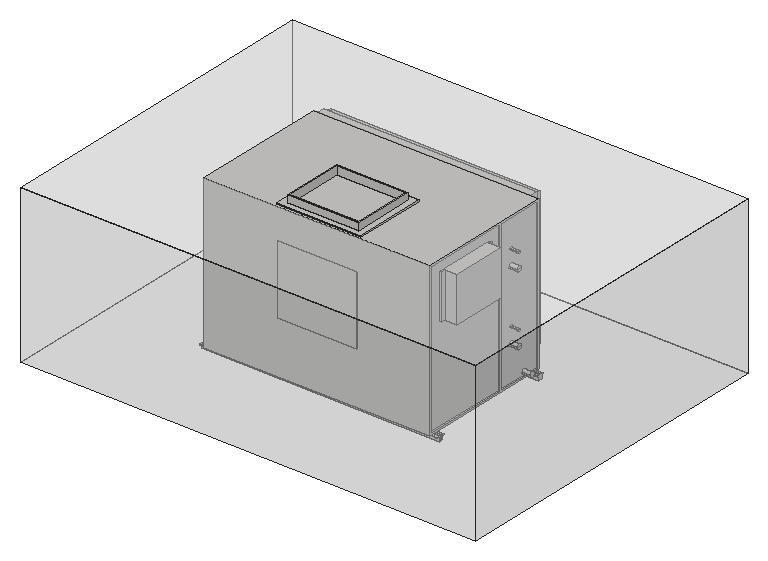
Revit family "outputfile", category 機械設備, Revit 2024
Family settings
  丸型コネクタ寸法 = 半径を使用
  パーツ タイプ = 標準
  OmniClass 番号 = 23.75.10.24.21.27.27
  OmniClass タイトル = Split System Air Conditioning Units
  作業面ベース = いいえ
  常に垂直 = はい
  ロード時にボイドで切り取り = いいえ
  注釈の向きを維持 = いいえ
  共有 = いいえ
  部屋計算ポイント = はい
Parameters (values of type "FBVN300H2BY1C")
  Description = ""
  書き出し IFC クラス(タイプ) = "IfcUnitaryEquipmentType"
  定義済み IFC タイプ(タイプ) = "AIRCONDITIONINGUNIT"
  Cost = 0
  Type Comments = ""
  Keynote = ""
  Type Image = (empty or 0)
  Assembly Code = ""
  switch_frequency = yes
  lw_power = 930 mm
  lw_frontpanel = 620 mm
  lw_box = 97 mm
  lw_RA = 853 mm
  lh_liquidpipe_2 = 443 mm
  lh_height_SA = 482 mm
  lh_ld_mountinghole_height = 35 mm
  lh_height_RA = 1073 mm
  lh_hangerfixture = 35 mm
  lh_gaspipe_2 = 323 mm
  lh_frontpanel_bottom = 444 mm
  lh_frontpanel = 542 mm
  lh_box_top = 95 mm
  lh_box = 351 mm
  lh_SA = 1291 mm
  lh_RA = 659.5 mm
  ld_void_top = if(Height = 1231 mm, 10 mm, 9 mm)  # 10 mm
  ld_void_right = if(Height = 1231 mm, 10 mm, 9 mm)  # 10 mm
  ld_void_middle = if(Height = 1231 mm, 10 mm, 18 mm)  # 10 mm
  ld_void_length = if(Height = 1231 mm, 680.2 mm, 535.5 mm)  # 680.2 mm
  ld_void_left = if(Height = 1231 mm, 10 mm, 9 mm)  # 10 mm
  ld_void_bottom = if(Height = 1231 mm, 10 mm, 6 mm)  # 10 mm
  ld_frontpanel = 10 mm
  ld_depth_SA = 301 mm
  ld_depth_RA = 130 mm
  ld_box_left = 115 mm
  ld_box = 490 mm
  connector_voltage = 0 V
  connector_powerinput = [Power Input (Cooling)]  # 30.520 kW
  connector_phase = 1
  製造元 = "Daikin"
  モデル = "FBVN300H2BY1C"
  w_pipe = 33 mm
  r_Liquid Pipe Size = Liquid Pipe Size / 2  # 7.95 mm
  r_Gas Pipe Size = Gas Pipe Size / 2  # 17.45 mm
  r_Drain Pipe Size = Drain Pipe Size / 2  # 17.0 mm
  lw_powersupply = lw_power  # 930 mm
  lw_width_RA = 1636 mm
  lw_width_SA = 540 mm
  lh_suctionflange [instance] = 100 mm
  ld_suctionflange [instance] = 190 mm
  ld_powersupply = 0 mm
  angle_vertical_RA [instance] = 90.00°
  angle horizontal_RA [instance] = 180.00°
  Voltage_comment_50Hz = "380 - 415"
  Voltage_50Hz = 400 V
  URL = ""
  Sound Power Level_H speed (dB) = 0
  Phase_50Hz = 3
  Minimum External Static Pressure = 0.00 Pa
  Minimum Circuit Amps_50Hz = 0.0 A
  Maximum Fuse Amps_50Hz = 0.0 A
  Maximum External Static Pressure = 200.00 Pa
  Material_Casing = DAIKIN_GalvanizedSteel_Casing_indoorunit
  lw_liquidpipe = 933 mm
  lw_gaspipe = 933 mm
  lw_mountinghole_pitch = 1826 mm
  lw_mountinghole = 1866 mm
  lw_drainpipe = 933 mm
  lh_powersupply = 785 mm
  lh_liquidpipe = 989 mm
  lh_gaspipe = 869 mm
  lh_mountinghole = 5 mm
  lh_drainpipe = 73 mm
  lh_antena = 1227 mm
  ld_liquidpipe = 280.5 mm
  ld_gaspipe = 280.5 mm
  ld_mountinghole_pitch = 974 mm
  ld_drainpipe = 405.5 mm
  ld_controlbox = 626 mm
  h*** = 0 mm  # constant formula
  d_dischargeflange = 60 mm
  Width = 1766 mm
  Version = "ver.1.0"
  Unit Type = "Duct"
  Unit Mass Weight = 337.00 kg
  Unit Designation [instance] = ""
  Uniclass2015Version = "Products v1.30"
  Uniclass2015Title = "Split coil room air conditioning units"
  Uniclass2015Code = "Pr_70_65_03_86"
  Total Cooling Capacity [instance] = 0.000 kW
  Sound Pressure Level_M speed (dBA) = 0
  Sound Pressure Level_L speed (dBA) = 0
  Sound Pressure Level_H speed (dBA) = 66
  Series = "Package Aircon_Fan Coil Unit"
  Sensible Cooling Capacity [instance] = 0.000 kW
  SA Duct Size Width = 560 mm
  SA Duct Size Height = 482 mm
  Refrigerant Type = "R410A"
  RA Duct Size Width = 1636 mm
  RA Duct Size Height = 1073 mm
  Power Input (Cooling) = 30.520 kW
  Option Accessory 3 [instance] = ""
  Option Accessory 2 [instance] = ""
  Option Accessory 1 [instance] = ""
  Nominal Cooling Capacity = 88.000 kW
  Minimum Airflow = 0.00 m³/h
  Median Airflow = 0.00 m³/h
  Maximum Airflow = 15291.00 m³/h
  Load Classification = HVAC
  Liquid Pipe Size = 15.9 mm
  Link_Nested Family [instance] = ""
  IfcVersion = ""
  IfcExportType = "AIRCONDITIONINGUNIT"
  IfcExportAs = "IfcUnitaryEquipmentType"
  Height = 1231 mm
  Heat Exchanger Type = "Cross Fin Coil"
  Gas Pipe Size = 34.9 mm
  Frequency_50Hz = 50 Hz
  Fan Type = "Sirocco Fan"
  Fan Drive = "-"
  FCU Tag No. [instance] = ""
  Drain Pipe Size = 34.0 mm
  Design Supply Airflow [instance] = 0.00 m³/h
  Design Return Airflow [instance] = 0.00 m³/h
  Design External Static Pressure [instance] = 0.00 Pa
  Depth = 1069 mm
  既定の高さ = 0 mm
  Cooling Entering Wet Bulb Temperature [instance] = 0.00 °C
  Cooling Entering Dry Bulb Temperature [instance] = 0.00 °C
  Cooling Ambient Wet Bulb Temperature [instance] = 0.00 °C
  Cooling Ambient Dry Bulb Temperature [instance] = 0.00 °C
  Clearance visibility [instance] = yes
  Clearance Top = 0 mm
  Clearance Right = 1000 mm
  Clearance Rear = 800 mm
  Clearance Left = 800 mm
  Clearance Front = 800 mm
  Clearance Bottom = 0 mm
Reference planes
  plane 1 "Center (Front/Back)": y = 0
  plane 2: z = 0
  plane 3 "Center (Left/Right)": x = 0
  plane 4 "Back": y = 534.5
  plane 5 "Front": y = -534.5
  plane 6 "Left": x = -883
  plane 7 "Right": x = 883
  plane 8 "Top": z = 0
  plane 9 "Bottom": z = -1231
  plane 10: z = -242
  plane 11: z = -362
  plane 12: x = -913
  plane 13: x = 913
  plane 14: x = 933
  plane 15: x = 933
  plane 16: z = -1226
  plane 17 "Clearance Left": x = -1683
  plane 18 "Clearance Right": x = 1883
  plane 19 "Clearance Rear": y = 1334.5
  plane 20 "Clearance Front": y = -1334.5
  plane 21 "Clearance Bottom": z = -1231
  plane 22: z = -1158
  plane 23 "ld_gas": y = 280.5
  plane 24: y = 280.5
  plane 25: y = -30
  plane 26: y = 405.5
  plane 27: y = 344.5
  plane 28: x = 933
  plane 29: y = 487
  plane 30: y = -487
  plane 31: y = -233.5
  plane 32: y = 664.5
  plane 33 "Clearance Top": z = 0
  plane 34: z = -446
  plane 35: y = 0
  plane 36 "hangerfixture": z = -1196
  plane 37 "lh_SA": z = 60
  plane 38 "lh_RA": z = -571.5
  plane 39 "RA_center": x = -30
  plane 40: x = 883
  plane 41: x = 980
  plane 42: y = -419.5
  plane 43: y = -389.5
  plane 44: y = 40.5
  plane 45: y = 70.5
  plane 46 "box_bottom": z = -446
  plane 47 "box_top": z = -95
  plane 48: x = -310
  plane 49: x = 310
  plane 50: y = -534.5
  plane 51: y = -524.5
  plane 52 "lw_power": x = 930
  plane 53: z = -788
  plane 54: z = -908
  plane 55: z = -787
  plane 56: z = -245
  plane 57: y = -524.5
  plane 58: y = 155.7
  plane 59: y = 165.7
  plane 60: y = 524.5
  plane 61: z = -10
  plane 62: z = -1186
  plane 63: x = 863
  plane 64: x = -863
Forms (mm)
  Extrusion 1, solid, material "DAIKIN_GalvanizedSteel_Casing_indoorunit" <- "Material_Casing"
    sketch origin (0, -0.8, 0) x (1, 0, 0) y (0, 1, 0)
      loop
        line (-883, -533.7) -> (883, -533.7) -> (883, 535.3) -> (-883, 535.3) -> (-883, -533.7)
    from -1196 to 0
  Revolve 2, solid, material "DAIKIN_GalvanizedSteel_Casing_indoorunit" <- "Material_Casing"
    sketch origin (0, 0, -362) x (0, -1, 0) y (1, 0, 0)
      loop
        line (-263.05, 863) -> (-263.05, 933) -> (-280.5, 933) -> (-280.5, 863) -> (-263.05, 863)
      axis (-280.5, 863) -> (-280.5, 933)
    angle from 0 to 360
  Revolve 3, solid, material "DAIKIN_GalvanizedSteel_Casing_indoorunit" <- "Material_Casing"
    sketch origin (0, 0, -242) x (0, -1, 0) y (1, 0, 0)
      loop
        line (-280.5, 863) -> (-280.5, 933) -> (-288.45, 933) -> (-288.45, 863) -> (-280.5, 863)
      axis (-280.5, 933) -> (-280.5, 863)
    angle from 0 to 360
  Extrusion 4, solid, material "DAIKIN_GalvanizedSteel_Casing_indoorunit" <- "Material_Casing"
    sketch origin (0, 0, 0) x (0, 1, 0) y (0, 0, 1)
      loop
        circle (405.5, -1158) r 17
    from 933 to 863
  Extrusion 5, solid, material "DAIKIN_GalvanizedSteel_Casing_indoorunit" <- "Material_Casing"
    sketch origin (0, 0, 0) x (1, 0, 0) y (0, 1, 0)
      loop
        line (863, -419.5) -> (883, -419.5) -> (883, -389.5) -> (980, -389.5) -> (980, 40.5) -> (883, 40.5) -> (883, 70.5) -> (863, 70.5) -> (863, -419.5)
    from -446 to -95
  Extrusion 6, solid, material "DAIKIN_GalvanizedSteel_Casing_indoorunit" <- "Material_Casing"
    sketch origin (0, 0, -1231) x (-1, 0, 0) y (0, -1, 0)
      loop
        line (310, 524.5) -> (310, 534.5) -> (-310, 534.5) -> (-310, 524.5) -> (310, 524.5)
    from 444 to 986
  Revolve 7, solid, material "DAIKIN_GalvanizedSteel_Casing_indoorunit" <- "Material_Casing"
    sketch origin (0, 0, -908) x (0, -1, 0) y (1, 0, 0)
      loop
        line (-263.05, 863) -> (-263.05, 933) -> (-280.5, 933) -> (-280.5, 863) -> (-263.05, 863)
      axis (-280.5, 863) -> (-280.5, 933)
    angle from 0 to 360
  Revolve 8, solid, material "DAIKIN_GalvanizedSteel_Casing_indoorunit" <- "Material_Casing"
    sketch origin (0, 0, -788) x (0, -1, 0) y (1, 0, 0)
      loop
        line (-280.5, 863) -> (-280.5, 933) -> (-288.45, 933) -> (-288.45, 863) -> (-280.5, 863)
      axis (-280.5, 933) -> (-280.5, 863)
    angle from 0 to 360
  Extrusion 9, void
    sketch origin (883, 0, 0) x (0, 1, 0) y (0, 0, 1)
      loop
        line (-524.5, -10) -> (-524.5, -1186) -> (155.7, -1186) -> (155.7, -10) -> (-524.5, -10)
      loop
        line (165.7, -10) -> (165.7, -1186) -> (524.5, -1186) -> (524.5, -10) -> (165.7, -10)
    from 0 to -20
  Extrusion 10, void
    sketch origin (-883, 0, 0) x (0, 1, 0) y (0, 0, 1)
      loop
        line (-524.5, -10) -> (-524.5, -1186) -> (155.7, -1186) -> (155.7, -10) -> (-524.5, -10)
      loop
        line (165.7, -10) -> (165.7, -1186) -> (524.5, -1186) -> (524.5, -10) -> (165.7, -10)
    from 0 to 20
Cuts and joins
  Extrusion 9, Extrusion 10 cuts Extrusion 1
  Extrusion 9, Extrusion 10 cuts Extrusion 6
Dimensions and locks
  equal spacing: plane 12, plane 3 "Center (Left/Right)", plane 13
  "lw_mountinghole_pitch": plane 12 to plane 13
  "lh_liquidpipe": plane 10 to plane 9 "Bottom"
  "lh_gaspipe": plane 11 to plane 9 "Bottom"
  equal spacing: plane 6 "Left", plane 3 "Center (Left/Right)", plane 7 "Right"
  "Width": plane 6 "Left" to plane 7 "Right"
  "Clearance Right": plane 7 "Right" to plane 18 "Clearance Right"
  "Clearance Left": plane 17 "Clearance Left" to plane 6 "Left"
  "Clearance Rear": plane 19 "Clearance Rear" to plane 4 "Back"
  "Clearance Front": plane 5 "Front" to plane 20 "Clearance Front"
  "Depth": plane 4 "Back" to plane 5 "Front"
  equal spacing: plane 4 "Back", plane 1 "Center (Front/Back)", plane 5 "Front"
  "ld_suctionflange": plane 4 "Back" to plane 27
  "r_Liquid Pipe Size": nested 5 to Revolve 3 sketch curve
  equal spacing: plane 29, plane 1 "Center (Front/Back)", plane 30
  "ld_mountinghole_pitch": plane 29 to plane 30
  "lw_liquidpipe": plane 3 "Center (Left/Right)" to plane 14
  "lw_gaspipe": plane 3 "Center (Left/Right)" to plane 15
  "lw_drainpipe": plane 3 "Center (Left/Right)" to plane 28
  "lh_drainpipe": plane 22 to plane 9 "Bottom"
  "Clearance Top": plane 33 "Clearance Top" to plane 8 "Top"
  "Clearance Bottom": plane 9 "Bottom" to plane 21 "Clearance Bottom"
  "lh_powersupply": plane 34 to plane 9 "Bottom"
  plane 8 "Top" to level = 0 mm
  "lh_hangerfixture": plane 36 "hangerfixture" to plane 9 "Bottom"
  "lh_SA": plane 37 "lh_SA" to plane 9 "Bottom"
  "ld_depth_RA": plane 32 to plane 4 "Back"
  "lh_RA": plane 38 "lh_RA" to plane 9 "Bottom"
  "lw_RA": plane 6 "Left" to plane 39 "RA_center"
  "ld_box_left": plane 42 to plane 5 "Front"
  "ld_box": plane 45 to plane 42
  locked: plane 43 to plane 42 at 30
  locked: plane 45 to plane 44 at 30
  "lw_box": plane 7 "Right" to plane 41
  "lh_box_top": plane 8 "Top" to plane 47 "box_top"
  "lh_box": plane 47 "box_top" to plane 46 "box_bottom"
  equal spacing: plane 48, plane 3 "Center (Left/Right)", plane 49
  "lw_power": plane 3 "Center (Left/Right)" to plane 52 "lw_power"
  "lh_gaspipe_2": plane 54 to plane 9 "Bottom"
  "lh_liquidpipe_2": plane 53 to plane 9 "Bottom"
  "ld_powersupply": plane 1 "Center (Front/Back)" to plane 35
  "ld_drainpipe": plane 26 to plane 1 "Center (Front/Back)"
  "ld_gaspipe": plane 23 "ld_gas" to plane 1 "Center (Front/Back)"
  "r_Gas Pipe Size": plane 23 "ld_gas" to Revolve 7 sketch curve
  "r_Gas Pipe Size": plane 23 "ld_gas" to Revolve 2 sketch curve
  "r_Liquid Pipe Size": Revolve 8 sketch curve to plane 24
  "ld_liquidpipe": plane 24 to plane 1 "Center (Front/Back)"
  "ld_depth_SA": plane 31 to plane 5 "Front"
  "Height": plane 8 "Top" to plane 9 "Bottom"
  "lh_mountinghole": plane 16 to plane 9 "Bottom"
  "lw_frontpanel": plane 48 to plane 49
  "lh_frontpanel_bottom": plane 55 to plane 9 "Bottom"
  "lh_frontpanel": plane 56 to plane 55
  locked: plane 51 to plane 5 "Front" at 10
  "ld_frontpanel": plane 51 to plane 50
  "ld_void_top": plane 8 "Top" to plane 61
  "ld_void_left": plane 5 "Front" to plane 57
  "ld_void_right": plane 60 to plane 4 "Back"
  "ld_void_length": plane 57 to plane 58
  "ld_void_middle": plane 58 to plane 59
  "ld_void_bottom": plane 36 "hangerfixture" to plane 62
  locked: plane 6 "Left" to plane 64 at 20
  locked: plane 63 to plane 7 "Right" at 20
  "r_Drain Pipe Size": radius of Extrusion 4 sketch curve
  aligned and locked: level to plane 2
  aligned and locked: plane 8 "Top" to Extrusion 1
  aligned and locked: Revolve 2 sketch curve to Revolve 2 sketch curve
  aligned and locked: plane 14 to nested 5
  aligned and locked: nested 5 to plane 10
  aligned and locked: plane 13 to nested 2
  aligned and locked: plane 12 to nested 3
  aligned and locked: plane 12 to nested 4
  aligned and locked: nested 6 to plane 11
  aligned and locked: plane 23 "ld_gas" to nested 6
  aligned and locked: plane 24 to nested 5
  aligned and locked: Extrusion 4 sketch curve to plane 26
  aligned and locked: nested 10 to plane 19 "Clearance Rear"
  aligned and locked: nested 10 to plane 18 "Clearance Right"
  aligned and locked: nested 10 to plane 17 "Clearance Left"
  aligned and locked: nested 10 to plane 20 "Clearance Front"
  aligned and locked: plane 28 to Extrusion 4
  aligned and locked: plane 15 to nested 6  (x2)
  aligned and locked: plane 13 to nested 1
  aligned and locked: plane 26 to nested 7
  aligned and locked: nested 7 to plane 22
  aligned and locked: nested 7 to plane 28
  aligned and locked: plane 29 to nested 1
  aligned and locked: plane 30 to nested 2
  aligned and locked: nested 4 to plane 29
  aligned and locked: nested 3 to plane 30
  aligned and locked: nested 9 to plane 4 "Back"
  aligned and locked: plane 32 to nested 13
  aligned and locked: plane 3 "Center (Left/Right)" to nested 12
  aligned and locked: nested 10 to plane 33 "Clearance Top"
  aligned and locked: nested 10 to plane 21 "Clearance Bottom"
  aligned and locked: nested 11 to plane 9 "Bottom"
  aligned and locked: plane 36 "hangerfixture" to Extrusion 1
  aligned and locked: Extrusion 1 to plane 5 "Front"
  aligned and locked: Extrusion 1 to plane 4 "Back"
  aligned and locked: plane 38 "lh_RA" to nested 9
  aligned and locked: nested 13 to plane 38 "lh_RA"
  aligned and locked: plane 39 "RA_center" to nested 9
  aligned and locked: nested 13 to plane 39 "RA_center"
  aligned and locked: plane 45 to Extrusion 5 sketch curve
  aligned and locked: plane 41 to Extrusion 5 sketch curve
  aligned and locked: Extrusion 5 sketch curve to plane 42
  aligned and locked: plane 47 "box_top" to Extrusion 5
  aligned and locked: Extrusion 5 to plane 46 "box_bottom"
  aligned and locked: Extrusion 6 sketch curve to plane 51
  aligned and locked: Extrusion 6 sketch curve to plane 48
  aligned and locked: plane 50 to Extrusion 6 sketch curve
  aligned and locked: plane 49 to Extrusion 6 sketch curve
  aligned and locked: Revolve 7 sketch curve to Revolve 7 sketch curve
  aligned and locked: nested 15 to plane 53
  aligned and locked: nested 16 to plane 54
  aligned and locked: plane 14 to Revolve 8
  aligned and locked: nested 15 to plane 14
  aligned and locked: nested 14 to plane 35
  aligned and locked: Revolve 2 sketch curve to plane 23 "ld_gas"
  aligned and locked: plane 23 "ld_gas" to nested 16
  aligned and locked: plane 24 to nested 15
  aligned and locked: plane 37 "lh_SA" to nested 12
  aligned and locked: plane 37 "lh_SA" to nested 8
  aligned and locked: plane 31 to nested 12
  aligned and locked: plane 31 to nested 8
  aligned and locked: plane 40 to Extrusion 5 sketch curve
  aligned and locked: Extrusion 5 sketch curve to plane 43
  aligned and locked: Extrusion 5 sketch curve to plane 44
  aligned and locked: Extrusion 5 sketch curve to plane 40
  aligned and locked: nested 14 to plane 52 "lw_power"
  aligned and locked: nested 14 to plane 34
  aligned and locked: plane 55 to Extrusion 6
  aligned and locked: plane 56 to Extrusion 6
  aligned and locked: plane 15 to Revolve 7
  aligned and locked: plane 15 to Revolve 2
  aligned and locked: Extrusion 9 sketch curve to plane 61  (x2)
  aligned and locked: Extrusion 9 sketch curve to plane 57
  aligned and locked: plane 62 to Extrusion 9 sketch curve  (x2)
  aligned and locked: Extrusion 9 sketch curve to plane 58
  aligned and locked: Extrusion 9 sketch curve to plane 59
  aligned and locked: Extrusion 9 sketch curve to plane 60
  aligned and locked: cut or joined group of Extrusion 1, Extrusion 9, Extrusion 10 to Revolve 8
  aligned and locked: Revolve 7 to cut or joined group of Extrusion 1, Extrusion 9, Extrusion 10
  aligned and locked: cut or joined group of Extrusion 1, Extrusion 9, Extrusion 10 to Revolve 3
  aligned and locked: Revolve 2 to cut or joined group of Extrusion 1, Extrusion 9, Extrusion 10
  aligned and locked: cut or joined group of Extrusion 1, Extrusion 9, Extrusion 10 to plane 63
  aligned and locked: Revolve 8 to plane 63  (x2)
  aligned and locked: plane 63 to Revolve 7  (x2)
  aligned and locked: Extrusion 4 to plane 63
  aligned and locked: Extrusion 5 to plane 63
  aligned and locked: Extrusion 10 sketch curve to cut or joined group of Extrusion 1, Extrusion 9, Extrusion 10  (x8)
  aligned and locked: plane 64 to cut or joined group of Extrusion 1, Extrusion 9, Extrusion 10
Automatic sketch dimensions
  Extrusion 1 sketch curve to plane 4 "Back" = 0 mm
  Extrusion 1 sketch curve to plane 6 "Left" = 0 mm
  Extrusion 1 sketch curve to plane 5 "Front" = 0 mm
  Extrusion 1 sketch curve to plane 7 "Right" = 0 mm
  Revolve 3 sketch curve to plane 23 "ld_gas" = 0 mm  (x2)
  Revolve 3 sketch curve to plane 14 = 0 mm  (x2)
  Revolve 3 sketch curve to plane 7 "Right" = 20 mm
  plane 7 "Right" to Revolve 3 sketch curve = 15 mm
  Extrusion 4 sketch curve to plane 22 = 0 mm
  Revolve 8 sketch curve to plane 23 "ld_gas" = 0 mm  (x2)
  Revolve 8 sketch curve to plane 14 = 0 mm  (x2)
  Revolve 8 sketch curve to plane 7 "Right" = 20 mm
  plane 7 "Right" to Revolve 8 sketch curve = 15 mm
  Revolve 2 sketch curve to plane 63 = 0 mm
  Revolve 2 sketch curve to plane 15 = 0 mm
  Revolve 2 sketch curve to plane 52 "lw_power" = 0.997 mm
  Revolve 2 sketch curve to Revolve 2 sketch curve = 0.497 mm
  Extrusion 5 sketch curve to plane 63 = 0 mm
  Revolve 7 sketch curve to plane 23 "ld_gas" = 0 mm
  Revolve 7 sketch curve to plane 63 = 0 mm
  Revolve 7 sketch curve to plane 15 = 0 mm
  Revolve 7 sketch curve to plane 52 "lw_power" = 0.997 mm
  Revolve 7 sketch curve to Revolve 7 sketch curve = 0.497 mm
Nested families
  nested 1: "daikin_mountinghole" at (913, 487, -1231), Link_Nested Family <- "Link_Nested Family", h_mountinghole <- "lh_mountinghole", l_antenna <- "lh_antena", type "daikin_mountinghole"
    with show yes, l_antenna 1227 mm, h_mountinghole 5 mm, Link_Nested Family "", d_circle 23 mm
  nested 2: "daikin_mountinghole" at (913, -487, -1231), Link_Nested Family <- "Link_Nested Family", h_mountinghole <- "lh_mountinghole", l_antenna <- "lh_antena", type "daikin_mountinghole"
    with show yes, l_antenna 1227 mm, h_mountinghole 5 mm, Link_Nested Family "", d_circle 23 mm
  nested 3: "daikin_mountinghole" at (-913, -487, -1231), Link_Nested Family <- "Link_Nested Family", h_mountinghole <- "lh_mountinghole", l_antenna <- "lh_antena", type "daikin_mountinghole"
    with show yes, l_antenna 1227 mm, h_mountinghole 5 mm, Link_Nested Family "", d_circle 23 mm
  nested 4: "daikin_mountinghole" at (-913, 487, -1231), Link_Nested Family <- "Link_Nested Family", h_mountinghole <- "lh_mountinghole", l_antenna <- "lh_antena", type "daikin_mountinghole"
    with show yes, l_antenna 1227 mm, h_mountinghole 5 mm, Link_Nested Family "", d_circle 23 mm
  nested 5: "daikin_connector_rotate2" at (0, 280.5, -242) x (0, 1, 0) z (0, 0, 1), length <- "lw_liquidpipe", built-in parameter 1001364 <- "lh_liquidpipe", radius <- "r_Liquid Pipe Size", type "daikin_connector_rotate2"
    with radius 7.95 mm, length 933 mm, angle_vertical 90.00°
  nested 6: "daikin_connector_rotate2" at (0, 280.5, -362) x (0, 1, 0) z (0, 0, 1), length <- "lw_gaspipe", built-in parameter 1001364 <- "lh_gaspipe", radius <- "r_Gas Pipe Size", type "daikin_connector_rotate2"
    with radius 17.45 mm, length 933 mm, angle_vertical 90.00°
  nested 7: "daikin_connector_rotate2" at (0, 405.5, -1158) x (0, 1, 0) z (0, 0, 1), built-in parameter 1001364 <- "lh_drainpipe", length <- "lw_drainpipe", radius <- "r_Drain Pipe Size", type "daikin_connector_rotate2"
    with radius 17 mm, length 933 mm, angle_vertical 90.00°
  nested 8: "daikin_connector_rotate2" at (0, -233.5, 0) x (1, 0, 0) z (0, 1, 0), length <- "d_dischargeflange", type "daikin_connector_rotate2"
    with radius 10 mm, length 60 mm, angle_vertical 90.00°
  nested 9: "daikin_ductflange_FBVN-H2BY1C" at (-30, 534.5, -571.5), material <- "Material_Casing", width <- "lw_width_RA", height <- "lh_height_RA", depth <- "ld_depth_RA", type "daikin_ductflange_FBVN-H2BY1C"
    with y 15 mm, x 6.5 mm, width 1636 mm, t 80 mm, material DAIKIN_GalvanizedSteel_Casing_indoorunit, height 1073 mm, depth 130 mm
  nested 10: "daikin_clearancespace" at (100, 0, -615.381), visible <- "Clearance visibility", show <- "Clearance visibility", Link_Nested Family <- "Link_Nested Family", type "daikin_clearancespace"
    with width 3566 mm, show yes, height 1231 mm, depth 2669 mm, Link_Nested Family ""
  nested 11: "daikin_hangerfixture_FBVN-H2BY1C" at (0, 0, -1231), type "daikin_hangerfixture_FBVN-H2BY1C"
    with width 1826 mm, depth 974 mm, Heigh 1231 mm, G 1866 mm, 250/300 yes, 200 no
  nested 12: "daikin_ductflange_FBVN-H2BY1C-1" at (0, -422.901, 0) x (1, 0, 0) z (0, 1, 0), width <- "lw_width_SA", material <- "Material_Casing", height <- "lh_height_SA", depth <- "d_dischargeflange", type "daikin_ductflange_FBVN-H2BY1C-1"
    with y 50 mm, x 40 mm, width 540 mm, t 10 mm, material DAIKIN_GalvanizedSteel_Casing_indoorunit, height 482 mm, depth 60 mm
  nested 13: "daikin_connector_rotate2" at (-30, 534.5, -571.5) x (-1, 0, 0) z (0, 0, 1), length <- "ld_depth_RA", type "daikin_connector_rotate2"
    with radius 10 mm, length 130 mm, angle_vertical 90.00°
  nested 14: "daikin_connector_rotate2" at (930, 0, -95) x (0, 1, 0) z (1, 0, 0), length <- "lh_box", type "daikin_connector_rotate2"
    with radius 10 mm, length 351 mm, angle_vertical 90.00°
  nested 15: "daikin_connector_rotate2" at (0, 280.5, -788) x (0, 1, 0) z (0, 0, 1), length <- "lw_liquidpipe", built-in parameter 1001364 <- "lh_liquidpipe", radius <- "r_Liquid Pipe Size", type "daikin_connector_rotate2"
    with radius 7.95 mm, length 933 mm, angle_vertical 90.00°
  nested 16: "daikin_connector_rotate2" at (0, 280.5, -908) x (0, 1, 0) z (0, 0, 1), length <- "lw_gaspipe", built-in parameter 1001364 <- "lh_gaspipe", radius <- "r_Gas Pipe Size", type "daikin_connector_rotate2"
    with radius 17.45 mm, length 933 mm, angle_vertical 90.00°
Connectors
  piping at (933, 280.5, -362), diameter 34.9, driven by "r_Gas Pipe Size"
    settings: on nested 6, index 1, connector inside diameter 609.6 mm, connector length 0 mm, flow factor 0, pipe flow 0.00 m³/h, pressure drop 0.0 Pa, fitting loss kfactor 0, connector angle 0.00°, fixture units 0, engagement length 0 mm, angle of deflection 0.00°, flow configuration 1, flow direction 2, fitting loss method 0, system type 29, joint type 0, gender type 0, connector reference index -1, connector utility 0, adjustable connector no, is connector primary yes, connector description "Refrigerant Gas Piping"
  piping at (933, 280.5, -242), diameter 15.9, driven by "r_Liquid Pipe Size"
    settings: on nested 5, index 2, connector inside diameter 609.6 mm, connector length 0 mm, flow factor 0, pipe flow 0.00 m³/h, pressure drop 0.0 Pa, fitting loss kfactor 0, connector angle 0.00°, fixture units 0, engagement length 0 mm, angle of deflection 0.00°, flow configuration 1, flow direction 1, fitting loss method 0, system type 29, joint type 0, gender type 0, connector reference index -1, connector utility 0, adjustable connector no, is connector primary no, connector description "Refrigerant Liquid Piping"
  piping at (933, 405.5, -1158), diameter 34, driven by "r_Drain Pipe Size"
    settings: on nested 7, index 3, connector inside diameter 609.6 mm, connector length 0 mm, flow factor 0, pipe flow 0.00 m³/h, pressure drop 0.0 Pa, fitting loss kfactor 0, connector angle 0.00°, fixture units 0, engagement length 0 mm, angle of deflection 0.00°, flow configuration 1, flow direction 2, fitting loss method 4, system type 16, joint type 0, gender type 0, connector reference index -1, connector utility 0, adjustable connector no, is connector primary no, connector description "Condensate Drain Piping"
  hvac at (0, -233.5, 60), driven by "SA Duct Size Height", driven by "SA Duct Size Width"
    settings: on nested 8, index 7, duct flow 0.00 m³/h, flow factor 0, pres drop 0.00 Pa, loss coef 0, conn angle 0.00°, conn width 560.0 mm, conn height 482.0 mm, conn diameter 609.6 mm, duct sys type 1, conn prof type 1, flow config 0, flow direction 2, loss method 4, conn ref index -1, conn util no, is conn primary yes, conn desc "SA Duct"
  hvac at (-30, 664.5, -571.5), driven by "RA Duct Size Width", driven by "RA Duct Size Height"
    settings: on nested 13, index 8, duct flow 0.00 m³/h, flow factor 0, pres drop 0.00 Pa, loss coef 0, conn angle 0.00°, conn width 1636.0 mm, conn height 1073.0 mm, conn diameter 609.6 mm, duct sys type 2, conn prof type 1, flow config 0, flow direction 1, loss method 4, conn ref index -1, conn util no, is conn primary no, conn desc "RA Duct"
  electrical at (930, 0, -446), driven by "Load Classification", driven by "connector_phase", driven by "connector_powerinput", driven by "connector_voltage"
    settings: on nested 14, index 9, voltage 0 V, apparent load 30520 VA, apparent load phase1 0 VA, apparent load phase2 0 VA, apparent load phase3 0 VA, power factor 1, load classification "HVAC", number of poles 1, system type 30, power factor state 1, is connector primary yes, connector utility no, sub classification motor no, connector description "Power Supply"
  piping at (933, 280.5, -908), diameter 34.9, driven by "r_Gas Pipe Size"
    settings: on nested 16, index 10, connector inside diameter 609.6 mm, connector length 0 mm, flow factor 0, pipe flow 0.00 m³/h, pressure drop 0.0 Pa, fitting loss kfactor 0, connector angle 0.00°, fixture units 0, engagement length 0 mm, angle of deflection 0.00°, flow configuration 1, flow direction 2, fitting loss method 0, system type 29, joint type 0, gender type 0, connector reference index -1, connector utility 0, adjustable connector no, is connector primary no, connector description "Refrigerant Gas Piping"
  piping at (933, 280.5, -788), diameter 15.9, driven by "r_Liquid Pipe Size"
    settings: on nested 15, index 11, connector inside diameter 609.6 mm, connector length 0 mm, flow factor 0, pipe flow 0.00 m³/h, pressure drop 0.0 Pa, fitting loss kfactor 0, connector angle 0.00°, fixture units 0, engagement length 0 mm, angle of deflection 0.00°, flow configuration 1, flow direction 1, fitting loss method 0, system type 29, joint type 0, gender type 0, connector reference index -1, connector utility 0, adjustable connector no, is connector primary no, connector description "Refrigerant Liquid Piping"
Definition of nested family "daikin_ductflange_FBVN-H2BY1C"
  Parameters (values of type "daikin_ductflange_2FGN-HYL")
    y [instance] = if(height = 1073 mm, 15 mm, 26 mm)  # 26 mm
    x [instance] = if(height = 1073 mm, 6.5 mm, 20 mm)  # 20 mm
    width [instance] = 1636 mm
    t [instance] = if(height = 1073 mm, 80 mm, 90 mm)  # 90 mm
    material [instance] = none
    height [instance] = 747 mm
    depth [instance] = 130 mm
    Default Elevation = 0 mm
  Reference planes
    plane 1 "Center (Front/Back)": y = 0
    plane 2: z = 0
    plane 3 "Center (Left/Right)": x = 0
    plane 4: x = -818
    plane 5: x = 818
    plane 6: z = 373.5
    plane 7: z = -373.5
    plane 8: y = 90
    plane 9: y = 130
    plane 10: x = -813
    plane 11: x = 813
    plane 12: z = -368.5
    plane 13: z = 368.5
    plane 14: x = -844
    plane 15: x = 844
    plane 16: z = 393.5
    plane 17: z = -393.5
  Forms (mm)
    Extrusion 1, solid, material <- "material"
      sketch origin (0, 0, 0) x (1, 0, 0) y (0, 0, 1)
        loop
          line (-844, 393.5) -> (-844, -393.5) -> (844, -393.5) -> (844, 393.5) -> (-844, 393.5)
        loop
          line (-813, 368.5) -> (-813, -368.5) -> (813, -368.5) -> (813, 368.5) -> (-813, 368.5)
      from 0 to -90
    Extrusion 2, solid, material <- "material"
      sketch origin (0, 0, 0) x (1, 0, 0) y (0, 0, 1)
        loop
          line (-818, 373.5) -> (-818, -373.5) -> (818, -373.5) -> (818, 373.5) -> (-818, 373.5)
        loop
          line (813, 368.5) -> (-813, 368.5) -> (-813, -368.5) -> (813, -368.5) -> (813, 368.5)
      from -130 to -90
  Cuts and joins
    joined: Extrusion 1, Extrusion 2
  Dimensions and locks
    equal spacing: plane 5, plane 3 "Center (Left/Right)", plane 4
    "width": plane 5 to plane 4
    equal spacing: plane 6, level, plane 7
    "height": plane 6 to plane 7
    "t": plane 1 "Center (Front/Back)" to plane 8
    "depth": plane 1 "Center (Front/Back)" to plane 9
    plane 6 to plane 13 = 5 mm
    plane 12 to plane 7 = 5 mm
    plane 5 to plane 11 = 5 mm
    plane 10 to plane 4 = 5 mm
    "y": plane 4 to plane 14
    "y": plane 15 to plane 5
    locked: plane 16 to plane 6 at 20
    "x": plane 7 to plane 17
    aligned and locked: level to plane 2
    aligned and locked: Extrusion 1 to plane 8
    aligned and locked: plane 1 "Center (Front/Back)" to Extrusion 1
    aligned and locked: Extrusion 2 to plane 9
    aligned and locked: Extrusion 2 to Extrusion 1
    aligned and locked: plane 13 to Extrusion 2 sketch curve
    aligned and locked: plane 11 to Extrusion 2 sketch curve
    aligned and locked: Extrusion 2 sketch curve to plane 12
    aligned and locked: Extrusion 2 sketch curve to plane 10
    aligned and locked: Extrusion 1 sketch curve to plane 16
    aligned and locked: plane 14 to Extrusion 1 sketch curve
    aligned and locked: plane 17 to Extrusion 1 sketch curve
    aligned and locked: Extrusion 1 sketch curve to plane 15
  Automatic sketch dimensions
    Extrusion 2 sketch curve to plane 4 = 0 mm
    Extrusion 2 sketch curve to plane 5 = 0 mm
    Extrusion 2 sketch curve to plane 7 = 0 mm
    Extrusion 2 sketch curve to plane 6 = 0 mm
    plane 4 to Extrusion 1 sketch curve = 5 mm
    Extrusion 1 sketch curve to plane 5 = 5 mm
    plane 7 to Extrusion 1 sketch curve = 5 mm
    Extrusion 1 sketch curve to plane 6 = 5 mm
Definition of nested family "daikin_clearancespace"
  Parameters (values of type "daikin_clearancespace")
    Description = "daikin_clearancespace"
    width [instance] = 1823.963 mm
    show [instance] = yes
    material = none
    height [instance] = 1359.762 mm
    depth [instance] = 880 mm
    Default Elevation = 0 mm
    Link_Nested Family [instance] = ""
  Reference planes
    plane 1 "Center (Front/Back)": y = 0
    plane 2 "Center (Elevation)": z = -0.119
    plane 3 "Center (Left/Right)": x = 0
    plane 4: y = 440
    plane 5: y = -440
    plane 6 "Right": x = 911.982
    plane 7 "Left": x = -911.982
    plane 8 "Top": z = 679.762
    plane 9 "Bottom": z = -680
  Forms (mm)
    Extrusion 1, solid, material <- "material", visible <- "show"
      sketch origin (0, 0, 0) x (1, 0, 0) y (0, 1, 0)
        loop
          line (-911.982, 440) -> (-911.982, -440) -> (911.982, -440) -> (911.982, 440) -> (-911.982, 440)
      from -680 to 679.762
  Lines and regions (mm)
    symbolic lines, visible <- "show"
      curve 1: line (911.982, 440, 0) -> (-911.982, 440, 0)
      curve 2: line (-911.982, 440, 0) -> (-911.982, -440, 0)
      curve 3: line (-911.982, -440, 0) -> (911.982, -440, 0)
      curve 4: line (911.982, -440, 0) -> (911.982, 440, 0)
      curve 5: line (911.982, 0, 679.762) -> (-911.982, 0, 679.762)
      curve 6: line (911.982, 0, -680) -> (911.982, 0, 679.762)
      curve 7: line (-911.982, 0, -680) -> (911.982, 0, -680)
      curve 8: line (-911.982, 0, 679.762) -> (-911.982, 0, -680)
      curve 9: line (0, 440, 679.762) -> (0, -440, 679.762)
      curve 10: line (0, -440, 679.762) -> (0, -440, -680)
      curve 11: line (0, 440, -680) -> (0, 440, 679.762)
      curve 12: line (0, -440, -680) -> (0, 440, -680)
  Dimensions and locks
    "width": plane 7 "Left" to plane 6 "Right"
    "depth": plane 4 to plane 5
    "height": plane 8 "Top" to plane 9 "Bottom"
    equal spacing: plane 7 "Left", plane 3 "Center (Left/Right)", plane 6 "Right"
    equal spacing: plane 4, plane 1 "Center (Front/Back)", plane 5
    equal spacing: plane 8 "Top", plane 2 "Center (Elevation)", plane 9 "Bottom"
    aligned and locked: level to plane 2 "Center (Elevation)"
    aligned and locked: Extrusion 1 sketch curve to plane 4
    aligned and locked: plane 7 "Left" to Extrusion 1 sketch curve
    aligned and locked: Extrusion 1 sketch curve to plane 5
    aligned and locked: Extrusion 1 sketch curve to plane 6 "Right"
    aligned and locked: plane 8 "Top" to Extrusion 1
    aligned and locked: curve 1 to Extrusion 1
    aligned and locked: curve 2 to Extrusion 1
    aligned and locked: curve 3 to Extrusion 1
    aligned and locked: curve 4 to Extrusion 1
    aligned and locked: curve 5 to Extrusion 1
    aligned and locked: curve 6 to Extrusion 1
    aligned and locked: curve 7 to Extrusion 1
    aligned and locked: curve 8 to Extrusion 1
    aligned and locked: curve 9 to Extrusion 1
    aligned and locked: curve 10 to Extrusion 1
    aligned and locked: curve 11 to Extrusion 1
    aligned and locked: curve 12 to Extrusion 1
    aligned and locked: Extrusion 1 to plane 9 "Bottom"
Definition of nested family "daikin_hangerfixture_FBVN-H2BY1C"
  Parameters (values of type "daikin_hangerfixture_FBVN-H2BY1C")
    width = 1854 mm
    material = none
    height = 35 mm
    e = 40 mm
    depth = 754.6 mm
    Default Elevation = 0 mm
    Heigh = 885 mm
    G = 1894 mm
    E = 50 mm
    250/300 = Heigh = 1231 mm  # no
    200 = Heigh = 885 mm  # yes
  Reference planes
    plane 1 "Center (Front/Back)": y = 0
    plane 2: z = 0
    plane 3 "Center (Left/Right)": x = 0
    plane 4: x = 927
    plane 5: x = -927
    plane 6: z = 35
    plane 7: y = 377.3
    plane 8: y = -377.3
    plane 9: x = -947
    plane 10: x = 947
    plane 11: y = 417.3
    plane 12: y = -417.3
    plane 13: x = -897
    plane 14: x = 897
  Forms (mm)
    Extrusion 1, solid, visible <- "200"
      sketch origin (0, 0, 0) x (0, 1, 0) y (0, 0, 1)
        loop
          line (-417.3, 35) -> (-417.3, 26) -> (-406.3, 26) -> (-406.3, 0) -> (-348.3, 0) -> (-348.3, 26) -> (-337.3, 26) -> (-337.3, 35) -> (-357.3, 35) -> (-357.3, 9) -> (-397.3, 9) -> (-397.3, 35) -> (-417.3, 35)
        loop
          line (417.3, 35) -> (397.3, 35) -> (397.3, 9) -> (357.3, 9) -> (357.3, 35) -> (337.3, 35) -> (337.3, 26) -> (348.3, 26) -> (348.3, 0) -> (406.3, 0) -> (406.3, 26) -> (417.3, 26) -> (417.3, 35)
      from -947 to 947
    Extrusion 2, void
      sketch origin (0, 0, 0) x (1, 0, 0) y (0, 1, 0)
        loop
          circle (-927, 377.3) r 13
        loop
          circle (-927, -377.3) r 13
        loop
          circle (927, -377.3) r 13
        loop
          circle (927, 377.3) r 13
      from 0 to 9
    Extrusion 3, solid, material <- "material", visible <- "200"
      sketch origin (0, 0, 0) x (0, 1, 0) y (0, 0, 1)
        loop
          line (-337.3, 35) -> (-337.3, 26) -> (337.3, 26) -> (337.3, 35) -> (-337.3, 35)
      from -897 to 897
    Extrusion 4, solid, material <- "material", visible <- "250/300"
      sketch origin (0, 0, 0) x (0, 1, 0) y (0, 0, 1)
        loop
          line (-403.16, 30) -> (-390.23, 30) -> (-390.23, 0) -> (-364.37, 0) -> (-364.37, 30) -> (-353.749, 30) -> (-353.749, 35) -> (-369.37, 35) -> (-369.37, 5) -> (-385.23, 5) -> (-385.23, 35) -> (-403.16, 35) -> (-403.16, 30)
        loop
          line (403.16, 35) -> (385.23, 35) -> (385.23, 5) -> (369.37, 5) -> (369.37, 35) -> (353.749, 35) -> (353.749, 30) -> (364.37, 30) -> (364.37, 0) -> (390.23, 0) -> (390.23, 30) -> (403.16, 30) -> (403.16, 35)
      from -947 to 947
    Extrusion 5, void
      sketch origin (0, 0, 0) x (1, 0, 0) y (0, 1, 0)
        loop
          circle (927, 377.3) r 7.5
        loop
          circle (927, -377.3) r 7.5
        loop
          circle (-927, 377.3) r 7.5
        loop
          circle (-927, -377.3) r 7.5
      from 0 to 618
  Cuts and joins
    Extrusion 2 cuts Extrusion 1
    Extrusion 5 cuts Extrusion 4
  Dimensions and locks
    "width": plane 5 to plane 4
    equal spacing: plane 5, plane 3 "Center (Left/Right)", plane 4
    "depth": plane 8 to plane 7
    equal spacing: plane 8, plane 1 "Center (Front/Back)", plane 7
    "height": plane 6 to level
    "e": plane 7 to plane 11
    "e": plane 12 to plane 8
    equal spacing: plane 9, plane 3 "Center (Left/Right)", plane 10
    "G": plane 9 to plane 10
    locked: plane 9 to plane 13 at 50
    locked: plane 14 to plane 10 at 50
    aligned and locked: level to plane 2
    aligned and locked: Extrusion 1 to plane 9
    aligned and locked: plane 10 to Extrusion 1
    aligned and locked: plane 7 to Extrusion 2 sketch curve  (x2)
    aligned and locked: plane 5 to Extrusion 2 sketch curve  (x2)
    aligned and locked: plane 8 to Extrusion 2 sketch curve  (x2)
    aligned and locked: plane 4 to Extrusion 2 sketch curve  (x2)
    aligned and locked: Extrusion 3 sketch curve to cut or joined group of Extrusion 1, Extrusion 2  (x4)
    aligned and locked: Extrusion 3 to plane 13
    aligned and locked: plane 14 to Extrusion 3
    aligned and locked: Extrusion 4 to plane 9
    aligned and locked: plane 10 to Extrusion 4
    aligned and locked: plane 5 to Extrusion 5 sketch curve  (x2)
    aligned and locked: plane 7 to Extrusion 5 sketch curve  (x2)
    aligned and locked: plane 8 to Extrusion 5 sketch curve  (x2)
    aligned and locked: plane 4 to Extrusion 5 sketch curve  (x2)
  Automatic sketch dimensions
    Extrusion 1 sketch curve to plane 6 = 0 mm  (x4)
    Extrusion 1 sketch curve to plane 12 = 0 mm
    Extrusion 1 sketch curve to level = 0 mm  (x2)
    Extrusion 1 sketch curve to plane 11 = 0 mm
    Extrusion 1 sketch curve to plane 12 = 11 mm
    Extrusion 1 sketch curve to Extrusion 1 sketch curve = 9 mm  (x5)
    level to Extrusion 1 sketch curve = 9 mm  (x2)
    Extrusion 1 sketch curve to plane 8 = 20 mm
    Extrusion 1 sketch curve to Extrusion 1 sketch curve = 11 mm  (x2)
    plane 7 to Extrusion 1 sketch curve = 40 mm
    Extrusion 1 sketch curve to Extrusion 1 sketch curve = 20 mm
    plane 11 to Extrusion 1 sketch curve = 11 mm
    Extrusion 1 sketch curve to plane 6 = 9 mm  (x2)
    Extrusion 4 sketch curve to plane 6 = 0 mm  (x4)
    Extrusion 4 sketch curve to level = 0 mm  (x2)
    Extrusion 4 sketch curve to plane 12 = 14.14 mm
    plane 8 to Extrusion 4 sketch curve = 12.93 mm
    Extrusion 4 sketch curve to Extrusion 4 sketch curve = 5 mm  (x4)
    Extrusion 4 sketch curve to plane 8 = 7.93 mm
    Extrusion 4 sketch curve to plane 6 = 5 mm  (x4)
    Extrusion 4 sketch curve to Extrusion 4 sketch curve = 10.621 mm  (x2)
    plane 7 to Extrusion 4 sketch curve = 23.551 mm
    Extrusion 4 sketch curve to plane 7 = 7.93 mm
    Extrusion 4 sketch curve to Extrusion 4 sketch curve = 12.93 mm
    level to Extrusion 4 sketch curve = 5 mm  (x2)
    radius of Extrusion 2 sketch curve = 13 mm  (x4)
    radius of Extrusion 5 sketch curve = 7.5 mm  (x4)
Definition of nested family "daikin_ductflange_FBVN-H2BY1C-1"
  Parameters (values of type "daikin_ductflange_2FGN-HYL_1")
    y [instance] = if(height = 408 mm, 30 mm, 50 mm)  # 30 mm
    x [instance] = if(height = 408 mm, 30 mm, 40 mm)  # 30 mm
    width [instance] = 474 mm
    t [instance] = 10 mm
    material [instance] = none
    height [instance] = 408 mm
    depth [instance] = 60 mm
    Default Elevation = 0 mm
  Reference planes
    plane 1 "Center (Front/Back)": y = 0
    plane 2: z = 189.401
    plane 3 "Center (Left/Right)": x = 0
    plane 4: y = 0
    plane 5: y = -60
    plane 6: y = -10
    plane 7: z = 393.401
    plane 8: z = -14.599
    plane 9: x = -237
    plane 10: x = 237
    plane 11: x = -247
    plane 12: x = 247
    plane 13: z = 383.401
    plane 14: z = -4.599
    plane 15: x = -277
    plane 16: z = 423.401
    plane 17: z = -44.599
    plane 18: x = 277
  Forms (mm)
    Extrusion 1, solid, material <- "material"
      sketch origin (0, 0, 0) x (1, 0, 0) y (0, 0, 1)
        loop
          line (-247, 393.401) -> (-247, -14.599) -> (247, -14.599) -> (247, 393.401) -> (-247, 393.401)
        loop
          line (-237, 383.401) -> (-237, -4.599) -> (237, -4.599) -> (237, 383.401) -> (-237, 383.401)
      from 10 to 60
    Extrusion 2, solid, material <- "material"
      sketch origin (0, 0, 0) x (1, 0, 0) y (0, 0, 1)
        loop
          line (-277, 423.401) -> (-277, -44.599) -> (277, -44.599) -> (277, 423.401) -> (-277, 423.401)
        loop
          line (-237, 383.401) -> (-237, -4.599) -> (237, -4.599) -> (237, 383.401) -> (-237, 383.401)
      from 0 to 10
  Cuts and joins
    joined: Extrusion 1, Extrusion 2
  Dimensions and locks
    plane 4 to plane 1 "Center (Front/Back)" = 0 mm
    "depth": plane 5 to plane 4
    plane 6 to plane 4 = 10 mm
    equal spacing: plane 7, level, plane 8
    "height": plane 7 to plane 8
    equal spacing: plane 10, plane 3 "Center (Left/Right)", plane 9
    "t": plane 9 to plane 11
    "t": plane 12 to plane 10
    "t": plane 7 to plane 13
    "t": plane 14 to plane 8
    "y": plane 11 to plane 15
    "y": plane 18 to plane 12
    "x": plane 16 to plane 7
    "x": plane 8 to plane 17
    "width": plane 10 to plane 9
    aligned and locked: level to plane 2
    aligned and locked: Extrusion 1 sketch curve to plane 7
    aligned and locked: plane 11 to Extrusion 1 sketch curve
    aligned and locked: plane 8 to Extrusion 1 sketch curve
    aligned and locked: Extrusion 1 sketch curve to plane 12
    aligned and locked: Extrusion 1 sketch curve to plane 13
    aligned and locked: plane 9 to Extrusion 1 sketch curve
    aligned and locked: plane 14 to Extrusion 1 sketch curve
    aligned and locked: Extrusion 1 sketch curve to plane 10
    aligned and locked: plane 6 to Extrusion 1
    aligned and locked: Extrusion 1 to plane 5
    aligned and locked: Extrusion 2 sketch curve to plane 16
    aligned and locked: plane 15 to Extrusion 2 sketch curve
    aligned and locked: plane 17 to Extrusion 2 sketch curve
    aligned and locked: Extrusion 2 sketch curve to plane 18
    aligned and locked: Extrusion 2 sketch curve to Extrusion 1  (x4)
    aligned and locked: Extrusion 2 to plane 1 "Center (Front/Back)"
    aligned and locked: Extrusion 2 to plane 6
  Automatic sketch dimensions
    Extrusion 2 sketch curve to plane 15 = 0 mm
Definition of nested family "daikin_mountinghole"
  Parameters (values of type "daikin_mountinghole")
    Default Elevation = 1219.2 mm
    Type Comments = "mountinghole"
    show [instance] = yes
    material = none
    l_centerline = 100 mm
    l_antenna [instance] = 100 mm
    h_mountinghole [instance] = 0 mm
    d_circle = 30 mm
    Link_Nested Family [instance] = ""
  Reference planes
    plane 1 "Center (Front/Back)": y = 0
    plane 2: z = 0
    plane 3 "Center (Left/Right)": x = 0
    plane 4: y = 50
    plane 5: x = -50
    plane 6: x = 50
    plane 7: y = -50
    plane 8 "h_mountinghole": z = 0
    plane 9: z = 100
  Lines and regions (mm)
    model lines, detail levels fine
      curve 1: circle (0, 0, 0) r 15 normal (0, 0, 1)
      curve 2: line (-50, 0, 0) -> (50, 0, 0)
      curve 3: line (0, 50, 0) -> (0, -50, 0)
    symbolic lines, detail levels fine
      curve 4: circle (0, 0, 0) r 15 normal (0, 0, 1)
      curve 5: line (-50, 0, 0) -> (50, 0, 0)
      curve 6: line (0, 50, 0) -> (0, -50, 0)
    model lines
      curve 7: line (0, 0, 100) -> (0, 0, 0)
  Dimensions and locks
    equal spacing: plane 4, plane 1 "Center (Front/Back)", plane 7
    "l_centerline": plane 4 to plane 7
    equal spacing: plane 5, plane 3 "Center (Left/Right)", plane 6
    "l_centerline": plane 5 to plane 6
    "l_antenna": plane 9 to plane 8 "h_mountinghole"
    "h_mountinghole": plane 8 "h_mountinghole" to plane 2
    "d_circle": diameter of curve 1
    "d_circle": diameter of curve 4
    aligned and locked: level to plane 2
    aligned and locked: plane 1 "Center (Front/Back)" to curve 1
    aligned and locked: plane 3 "Center (Left/Right)" to curve 1
    aligned and locked: plane 1 "Center (Front/Back)" to curve 2
    aligned and locked: curve 3 to plane 3 "Center (Left/Right)"
    aligned and locked: plane 6 to curve 2
    aligned and locked: plane 5 to curve 2
    aligned and locked: plane 4 to curve 3
    aligned and locked: plane 7 to curve 3
    aligned and locked: plane 1 "Center (Front/Back)" to curve 4
    aligned and locked: plane 3 "Center (Left/Right)" to curve 4
    aligned and locked: plane 6 to curve 5
    aligned and locked: plane 5 to curve 5
    aligned and locked: plane 1 "Center (Front/Back)" to curve 5
    aligned and locked: plane 4 to curve 6
    aligned and locked: plane 7 to curve 6
    aligned and locked: curve 6 to plane 3 "Center (Left/Right)"
    aligned and locked: curve 7 to plane 3 "Center (Left/Right)"
    aligned and locked: plane 9 to curve 7
    aligned and locked: plane 8 "h_mountinghole" to curve 7
Definition of nested family "daikin_connector_rotate2"
  Parameters (values of type "daikin_connector_rotate2")
    show_face = no
    radius [instance] = 10 mm
    length [instance] = 600 mm
    d_surface = 10 mm
    angle_vertical [instance] = 90.00°
    Default Elevation = 0 mm
  Reference planes
    plane 1 "Center (Front/Back)": y = 0
    plane 2: z = 0
    plane 3 "Center (Left/Right)": x = 0
  Forms (mm)
    Extrusion 1, solid, visible <- "show_face"
      sketch origin (0, -600, 0) x (1, 0, 0) y (0, 0, 1)
        loop
          circle (0, 0) r 10
      from 0 to -10
  Lines and regions (mm)
    reference lines
      curve 1: line (0, 0, 0) -> (0, -600, 0)
    symbolic lines
      curve 2: circle (0, 0, 0) r 5 normal (0, 0, 1)
    model lines, visible <- "show_face"
      curve 3: line (0, 0, 0) -> (0, -600, 0)
  Dimensions and locks
    "length": curve 1 to curve 1
    "length": curve 3 to curve 3
    "d_surface": Extrusion 1 to Extrusion 1
    "radius": radius of Extrusion 1 sketch curve
    "angle_vertical": angle curve 1 to plane 1 "Center (Front/Back)"
    "angle_vertical": angle curve 3 to plane 1 "Center (Front/Back)"
    aligned and locked: level to plane 2
    aligned and locked: plane 1 "Center (Front/Back)" to curve 1
    aligned and locked: plane 2 to curve 1
    aligned and locked: plane 1 "Center (Front/Back)" to curve 2
    aligned and locked: plane 3 "Center (Left/Right)" to curve 2
    aligned and locked: plane 1 "Center (Front/Back)" to curve 3
    aligned and locked: plane 2 to curve 3
    aligned and locked: Extrusion 1 to Extrusion 1
  Automatic sketch dimensions
    Extrusion 1 sketch curve to level = 0 mm
    Extrusion 1 sketch curve to plane 3 "Center (Left/Right)" = 0 mm
    radius of curve 2 = 5 mm
